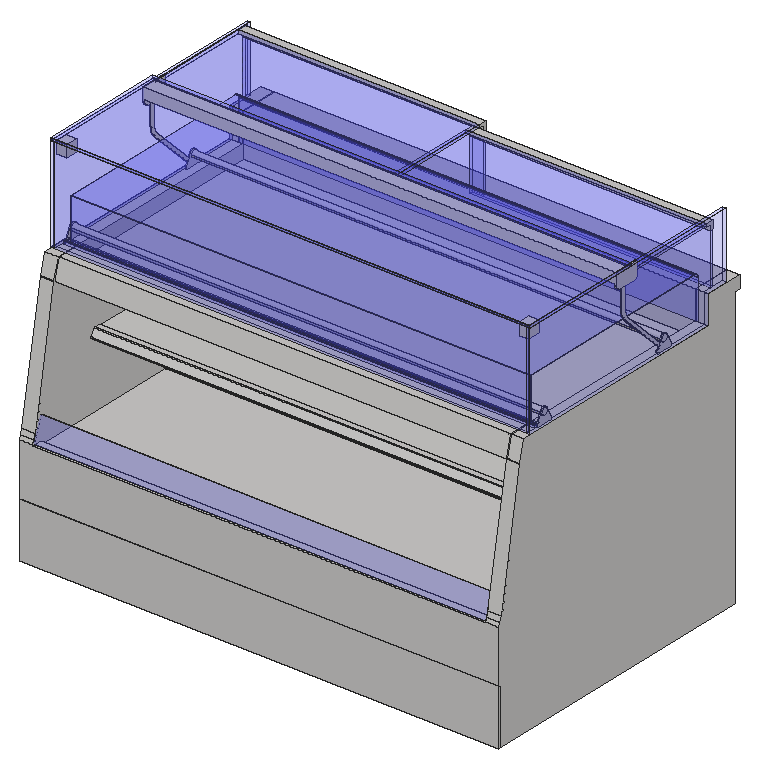
Revit family "Food-Service-Equipment_Oscartek_Gem_Combi-1500Rt_cat", category Specialty Equipment, Revit 2026 (continued)
Lines and regions (in)
  Split face 260
    outline origin (34.57164, -37.125, -26.54631) x (0, 0, 1) y (-1, 0, 0)
      loop
        arc (29.82526, -13.55425) -> (29.83548, -13.50631) -> (29.83891, -13.45741) r 0.35039
        line (29.83891, -13.45741) -> (29.83891, -12.58681)
        arc (29.83891, -12.58681) -> (29.83548, -12.53791) -> (29.82526, -12.48997) r 0.35039
        line (29.82526, -12.48997) -> (29.70983, -12.08857)
        arc (29.70983, -12.08857) -> (29.68463, -12.05196) -> (29.64248, -12.03786) r 0.07008
        line (29.64248, -12.03786) -> (29.54406, -12.03786) -> (29.54406, -14.00636)
  Split face 261
    outline origin (34.52602, -37.125, -28.09375) x (0, 0, 1) y (-1, 0, 0)
      loop
        line (29.0915, -14.05198) -> (29.18992, -14.05198)
        arc (29.18992, -14.05198) -> (29.23207, -14.03789) -> (29.25727, -14.00127) r 0.07008
        line (29.25727, -14.00127) -> (29.3727, -13.59987)
        arc (29.3727, -13.59987) -> (29.38291, -13.55193) -> (29.38634, -13.50303) r 0.35039
        line (29.38634, -13.50303) -> (29.38634, -12.63243)
        arc (29.38634, -12.63243) -> (29.38291, -12.58353) -> (29.3727, -12.53559) r 0.35039
        line (29.3727, -12.53559) -> (29.25727, -12.13419)
        arc (29.25727, -12.13419) -> (29.23207, -12.09758) -> (29.18992, -12.08348) r 0.07008
        line (29.18992, -12.08348) -> (29.0915, -12.08348) -> (29.0915, -14.05198)
  Split face 262
    outline origin (36.77602, -37.125, -27.09375) x (0, 0, 1) y (-1, 0, 0)
      loop
        line (29.0915, -14.05198) -> (29.18992, -14.05198)
        arc (29.18992, -14.05198) -> (29.23207, -14.03789) -> (29.25727, -14.00127) r 0.07008
        line (29.25727, -14.00127) -> (29.3727, -13.59987)
        arc (29.3727, -13.59987) -> (29.38291, -13.55193) -> (29.38634, -13.50303) r 0.35039
        line (29.38634, -13.50303) -> (29.38634, -12.63243)
        arc (29.38634, -12.63243) -> (29.38291, -12.58353) -> (29.3727, -12.53559) r 0.35039
        line (29.3727, -12.53559) -> (29.25727, -12.13419)
        arc (29.25727, -12.13419) -> (29.23207, -12.09758) -> (29.18992, -12.08348) r 0.07008
        line (29.18992, -12.08348) -> (29.0915, -12.08348) -> (29.0915, -14.05198)
  Split face 263
    outline origin (36.82164, -37.125, -26.54631) x (0, 0, 1) y (-1, 0, 0)
      loop
        line (29.54406, -14.00636) -> (29.64248, -14.00636)
        arc (29.64248, -14.00636) -> (29.68463, -13.99227) -> (29.70983, -13.95565) r 0.07008
        line (29.70983, -13.95565) -> (29.82526, -13.55425)
        arc (29.82526, -13.55425) -> (29.83548, -13.50631) -> (29.83891, -13.45741) r 0.35039
        line (29.83891, -13.45741) -> (29.83891, -12.58681)
        arc (29.83891, -12.58681) -> (29.83548, -12.53791) -> (29.82526, -12.48997) r 0.35039
        line (29.82526, -12.48997) -> (29.70983, -12.08857)
        arc (29.70983, -12.08857) -> (29.68463, -12.05196) -> (29.64248, -12.03786) r 0.07008
        line (29.64248, -12.03786) -> (29.54406, -12.03786) -> (29.54406, -14.00636)
  Split face 264
    outline origin (36.77602, -37.125, -28.09375) x (0, 0, 1) y (-1, 0, 0)
      loop
        line (29.0915, -14.05198) -> (29.18992, -14.05198)
        arc (29.18992, -14.05198) -> (29.23207, -14.03789) -> (29.25727, -14.00127) r 0.07008
        line (29.25727, -14.00127) -> (29.3727, -13.59987)
        arc (29.3727, -13.59987) -> (29.38291, -13.55193) -> (29.38634, -13.50303) r 0.35039
        line (29.38634, -13.50303) -> (29.38634, -12.63243)
        arc (29.38634, -12.63243) -> (29.38291, -12.58353) -> (29.3727, -12.53559) r 0.35039
        line (29.3727, -12.53559) -> (29.25727, -12.13419)
        arc (29.25727, -12.13419) -> (29.23207, -12.09758) -> (29.18992, -12.08348) r 0.07008
        line (29.18992, -12.08348) -> (29.0915, -12.08348) -> (29.0915, -14.05198)
  Split face 265
    outline origin (39.02602, -37.125, -27.09375) x (0, 0, 1) y (-1, 0, 0)
      loop
        line (29.0915, -14.05198) -> (29.18992, -14.05198)
        arc (29.18992, -14.05198) -> (29.23207, -14.03789) -> (29.25727, -14.00127) r 0.07008
        line (29.25727, -14.00127) -> (29.3727, -13.59987)
        arc (29.3727, -13.59987) -> (29.38291, -13.55193) -> (29.38634, -13.50303) r 0.35039
        line (29.38634, -13.50303) -> (29.38634, -12.63243)
        arc (29.38634, -12.63243) -> (29.38291, -12.58353) -> (29.3727, -12.53559) r 0.35039
        line (29.3727, -12.53559) -> (29.25727, -12.13419)
        arc (29.25727, -12.13419) -> (29.23207, -12.09758) -> (29.18992, -12.08348) r 0.07008
        line (29.18992, -12.08348) -> (29.0915, -12.08348) -> (29.0915, -14.05198)
  Split face 266
    outline origin (39.07164, -37.125, -26.54631) x (0, 0, 1) y (-1, 0, 0)
      loop
        line (29.54406, -14.00636) -> (29.64248, -14.00636)
        arc (29.64248, -14.00636) -> (29.68463, -13.99227) -> (29.70983, -13.95565) r 0.07008
        line (29.70983, -13.95565) -> (29.82526, -13.55425)
        arc (29.82526, -13.55425) -> (29.83548, -13.50631) -> (29.83891, -13.45741) r 0.35039
        line (29.83891, -13.45741) -> (29.83891, -12.58681)
        arc (29.83891, -12.58681) -> (29.83548, -12.53791) -> (29.82526, -12.48997) r 0.35039
        line (29.82526, -12.48997) -> (29.70983, -12.08857)
        arc (29.70983, -12.08857) -> (29.68463, -12.05196) -> (29.64248, -12.03786) r 0.07008
        line (29.64248, -12.03786) -> (29.54406, -12.03786) -> (29.54406, -14.00636)
  Split face 267
    outline origin (39.02602, -37.125, -28.09375) x (0, 0, 1) y (-1, 0, 0)
      loop
        line (29.0915, -14.05198) -> (29.18992, -14.05198)
        arc (29.18992, -14.05198) -> (29.23207, -14.03789) -> (29.25727, -14.00127) r 0.07008
        line (29.25727, -14.00127) -> (29.3727, -13.59987)
        arc (29.3727, -13.59987) -> (29.38291, -13.55193) -> (29.38634, -13.50303) r 0.35039
        line (29.38634, -13.50303) -> (29.38634, -12.63243)
        arc (29.38634, -12.63243) -> (29.38291, -12.58353) -> (29.3727, -12.53559) r 0.35039
        line (29.3727, -12.53559) -> (29.25727, -12.13419)
        arc (29.25727, -12.13419) -> (29.23207, -12.09758) -> (29.18992, -12.08348) r 0.07008
        line (29.18992, -12.08348) -> (29.0915, -12.08348) -> (29.0915, -14.05198)
  Split face 268
    outline origin (41.27602, -37.125, -27.09375) x (0, 0, 1) y (-1, 0, 0)
      loop
        line (29.0915, -14.05198) -> (29.18992, -14.05198)
        arc (29.18992, -14.05198) -> (29.23207, -14.03789) -> (29.25727, -14.00127) r 0.07008
        line (29.25727, -14.00127) -> (29.3727, -13.59987)
        arc (29.3727, -13.59987) -> (29.38291, -13.55193) -> (29.38634, -13.50303) r 0.35039
        line (29.38634, -13.50303) -> (29.38634, -12.63243)
        arc (29.38634, -12.63243) -> (29.38291, -12.58353) -> (29.3727, -12.53559) r 0.35039
        line (29.3727, -12.53559) -> (29.25727, -12.13419)
        arc (29.25727, -12.13419) -> (29.23207, -12.09758) -> (29.18992, -12.08348) r 0.07008
        line (29.18992, -12.08348) -> (29.0915, -12.08348) -> (29.0915, -14.05198)
  Split face 269
    outline origin (41.32164, -37.125, -26.54631) x (0, 0, 1) y (-1, 0, 0)
      loop
        line (29.54406, -14.00636) -> (29.64248, -14.00636)
        arc (29.64248, -14.00636) -> (29.68463, -13.99227) -> (29.70983, -13.95565) r 0.07008
        line (29.70983, -13.95565) -> (29.82526, -13.55425)
        arc (29.82526, -13.55425) -> (29.83548, -13.50631) -> (29.83891, -13.45741) r 0.35039
        line (29.83891, -13.45741) -> (29.83891, -12.58681)
        arc (29.83891, -12.58681) -> (29.83548, -12.53791) -> (29.82526, -12.48997) r 0.35039
        line (29.82526, -12.48997) -> (29.70983, -12.08857)
        arc (29.70983, -12.08857) -> (29.68463, -12.05196) -> (29.64248, -12.03786) r 0.07008
        line (29.64248, -12.03786) -> (29.54406, -12.03786) -> (29.54406, -14.00636)
  Split face 270
    outline origin (41.27602, -37.125, -28.09375) x (0, 0, 1) y (-1, 0, 0)
      loop
        line (29.0915, -14.05198) -> (29.18992, -14.05198)
        arc (29.18992, -14.05198) -> (29.23207, -14.03789) -> (29.25727, -14.00127) r 0.07008
        line (29.25727, -14.00127) -> (29.3727, -13.59987)
        arc (29.3727, -13.59987) -> (29.38291, -13.55193) -> (29.38634, -13.50303) r 0.35039
        line (29.38634, -13.50303) -> (29.38634, -12.63243)
        arc (29.38634, -12.63243) -> (29.38291, -12.58353) -> (29.3727, -12.53559) r 0.35039
        line (29.3727, -12.53559) -> (29.25727, -12.13419)
        arc (29.25727, -12.13419) -> (29.23207, -12.09758) -> (29.18992, -12.08348) r 0.07008
        line (29.18992, -12.08348) -> (29.0915, -12.08348) -> (29.0915, -14.05198)
  symbolic lines
    curve 1: line (0, -37.125, 0) -> (59.1875, -37.125, 0)
    curve 2: line (0, 0, 0) -> (0, -37.125, 0)
    curve 3: line (59.1875, 0, 0) -> (0, 0, 0)
    curve 4: line (59.1875, -37.125, 0) -> (59.1875, 0, 0)
    curve 5: line (0.4562, -2.00463, 0) -> (0, -2.00463, 0)
    curve 6: line (0.4562, -2.00463, 0) -> (0.4562, -16.62621, 0)
    curve 7: line (0, -16.69296, 0) -> (59.1875, -16.69296, 0)
    curve 8: line (30.1818, -2.88345, 0) -> (30.1818, -16.69296, 0)
    curve 9: line (30.1818, -2.88345, 0) -> (0.4562, -2.88345, 0)
    curve 10: line (30.1818, -3.51337, 0) -> (58.7313, -3.51337, 0)
    curve 11: line (58.7313, -2.00509, 0) -> (58.7313, -16.69296, 0)
    curve 12: line (58.7313, -2.00509, 0) -> (59.1875, -2.00509, 0)
    curve 13: line (0, -32.44096, 0) -> (59.1875, -32.44096, 0)
    curve 14: line (0, -33.87745, 0) -> (59.1875, -33.87745, 0)
Dimensions and locks (in)
  equal spacing: plane 3 "LEFT", plane 7 "Center Y", plane 4 "RIGHT"
  "Length": plane 3 "LEFT" to plane 4 "RIGHT"
  equal spacing: plane 5 "FRONT", plane 8 "Center X", plane 1 "BACK"
  "Depth": plane 5 "FRONT" to plane 1 "BACK"
  plane 6 "TOP" to level = 36 5/8"
  plane 6 "TOP" to plane 2 = 36 5/8"
  plane 5 "FRONT" to plane 1 "BACK" = 37 1/8"
  locked: plane 10 to plane 4 "RIGHT" at 1.6373
  locked: plane 3 "LEFT" to plane 9 at 1.6373
  plane 2 to plane 11 = 5 15/16"
  plane 12 to plane 2 = 7 3/8"
  plane 13 to level = 13 13/16"
  plane 14 to level = 33"
  plane 15 to plane 13 = 16 5/8"
  "Height": plane 16 to plane 2
  locked: Extrusion 6 sketch curve to plane 16 at 0.3997
  locked: plane 16 to Extrusion 7 sketch curve at 0.3997
  locked: plane 17 to plane 4 "RIGHT" at 0.4562
  locked: plane 19 to plane 4 "RIGHT" at 3.6058
  locked: plane 18 to plane 3 "LEFT" at 3.6058
  locked: Extrusion 26 sketch curve to Extrusion 26 sketch curve at 0.34646
  locked: plane 21 to plane 4 "RIGHT" at 1.21484
  plane 24 to plane 7 "Center Y" to plane 23 = 0.59305" locked, 0.58805" locked
  aligned and locked: plane 2 to level
  aligned and locked: plane 9 to Extrusion 2
  aligned and locked: plane 9 to Extrusion 3
  aligned and locked: plane 10 to Extrusion 3
  aligned and locked: plane 10 to Extrusion 2
  aligned and locked: plane 9 to Extrusion 5
  aligned and locked: plane 10 to Extrusion 5
  aligned and locked: Extrusion 7 sketch curve to plane 16
  aligned and locked: Extrusion 7 to plane 4 "RIGHT"
  aligned and locked: plane 17 to Extrusion 8
  aligned and locked: Extrusion 9 sketch curve to plane 14
  aligned and locked: Extrusion 9 to Extrusion 8
  aligned and locked: Extrusion 15 to plane 17
  aligned and locked: Extrusion 16 to plane 17
  aligned and locked: Extrusion 17 to plane 3 "LEFT"
  aligned and locked: Extrusion 17 to plane 4 "RIGHT"
  aligned and locked: plane 19 to Extrusion 22
  aligned and locked: Extrusion 22 to plane 18
  aligned and locked: plane 6 "TOP" to Extrusion 2 sketch curve
  aligned and locked: Extrusion 14 to plane 21
  aligned and locked: Extrusion 26 to plane 17
  aligned and locked: cut or joined group of Extrusion 27, Extrusion 29, Extrusion 32 to plane 17
  aligned and locked: Extrusion 25 to plane 23
  aligned and locked: Extrusion 24 to plane 23
  aligned and locked: plane 24 to Extrusion 26
  aligned and locked: plane 24 to Extrusion 28
  aligned and locked: Extrusion 28 to plane 17
  aligned and locked: plane 10 to Extrusion 41
Automatic sketch dimensions
  Extrusion 23 sketch curve to Extrusion 23 sketch curve = 0"
  Extrusion 23 sketch curve to Extrusion 23 sketch curve = 0.52889"
  Extrusion 23 sketch curve to Extrusion 23 sketch curve = 0.29169"  (x2)
  Extrusion 23 sketch curve to Extrusion 23 sketch curve = 0.32478"  (x2)
  Extrusion 23 sketch curve to Extrusion 23 sketch curve = 1.7946"  (x2)
  Extrusion 23 sketch curve to Extrusion 23 sketch curve = 0.07287"
  Extrusion 23 sketch curve to Extrusion 23 sketch curve = 0.24448"
  Extrusion 23 sketch curve to Extrusion 23 sketch curve = 2.25544"
  Extrusion 23 sketch curve to Extrusion 23 sketch curve = 4.87248"
  Extrusion 23 sketch curve to Extrusion 23 sketch curve = 2.16195"
  Extrusion 23 sketch curve to Extrusion 23 sketch curve = 0.09349"
  Revolve 34 sketch curve to Revolve 34 sketch curve = 0.47517"
  Revolve 34 sketch curve to Revolve 34 sketch curve = 0.91526"
  Revolve 34 sketch curve to Revolve 34 sketch curve = 0.12536"
  Revolve 34 sketch curve to Revolve 34 sketch curve = 0.07008"
  Revolve 34 sketch curve to Revolve 34 sketch curve = 0"
  Revolve 34 sketch curve to Revolve 34 sketch curve = 0.2104"
  Revolve 34 sketch curve to Revolve 34 sketch curve = 0.36442"
  Extrusion 35 sketch curve to Extrusion 35 sketch curve = 0.40023"  (x2)
  Extrusion 35 sketch curve to Extrusion 35 sketch curve = 1.27612"
  Extrusion 35 sketch curve to Extrusion 35 sketch curve = 0.87946"
  Extrusion 35 sketch curve to Extrusion 35 sketch curve = 0"  (x2)
  Extrusion 35 sketch curve to Extrusion 35 sketch curve = 0.1946"
  Extrusion 35 sketch curve to Extrusion 35 sketch curve = 0.3984"
  Extrusion 35 sketch curve to Extrusion 35 sketch curve = 0.09546"
  Extrusion 38 sketch curve to Extrusion 38 sketch curve = 0"
  Extrusion 38 sketch curve to Extrusion 38 sketch curve = 0.52889"
  Extrusion 38 sketch curve to Extrusion 38 sketch curve = 0.29169"  (x2)
  Extrusion 38 sketch curve to Extrusion 38 sketch curve = 0.32478"  (x2)
  Extrusion 38 sketch curve to Extrusion 38 sketch curve = 1.7946"  (x2)
  Extrusion 38 sketch curve to Extrusion 38 sketch curve = 0.07287"
  Extrusion 38 sketch curve to Extrusion 38 sketch curve = 0.24448"
  Extrusion 38 sketch curve to Extrusion 38 sketch curve = 2.25544"
  Extrusion 38 sketch curve to Extrusion 38 sketch curve = 4.87248"
  Extrusion 38 sketch curve to Extrusion 38 sketch curve = 2.16195"
  Extrusion 38 sketch curve to Extrusion 38 sketch curve = 0.09349"
  Revolve 39 sketch curve to Revolve 39 sketch curve = 0.47517"
  Revolve 39 sketch curve to Revolve 39 sketch curve = 0.91526"
  Revolve 39 sketch curve to Revolve 39 sketch curve = 0.12536"
  Revolve 39 sketch curve to Revolve 39 sketch curve = 0.07008"
  Revolve 39 sketch curve to Revolve 39 sketch curve = 0"
  Revolve 39 sketch curve to Revolve 39 sketch curve = 0.2104"
  Revolve 39 sketch curve to Revolve 39 sketch curve = 0.36442"
  Extrusion 40 sketch curve to Extrusion 40 sketch curve = 0.40023"  (x2)
  Extrusion 40 sketch curve to Extrusion 40 sketch curve = 1.27612"
  Extrusion 40 sketch curve to Extrusion 40 sketch curve = 0.87946"
  Extrusion 40 sketch curve to Extrusion 40 sketch curve = 0"  (x2)
  Extrusion 40 sketch curve to Extrusion 40 sketch curve = 0.1946"
  Extrusion 40 sketch curve to Extrusion 40 sketch curve = 0.3984"
  Extrusion 40 sketch curve to Extrusion 40 sketch curve = 0.09546"
  curve 1 to plane 3 "LEFT" = 0"
  curve 9 to plane 22 = 0"
  curve 10 to plane 23 = 0"
  curve 11 to plane 17 = 0"
  curve 4 to plane 4 "RIGHT" = 0"
  plane 5 "FRONT" to curve 1 = 0"
  plane 1 "BACK" to curve 3 = 0"
  plane 1 "BACK" to curve 9 = 2.88345"
  plane 1 "BACK" to curve 12 = 2.00509"
  curve 9 to curve 5 = 0.87882"
  curve 14 to plane 5 "FRONT" = 3.24755"
  curve 14 to curve 13 = 1.43649"
  plane 8 "Center X" to curve 11 = 1.86954"
  curve 7 to curve 6 = 0.06676"
  curve 10 to curve 8 = 0.62992"
  Extrusion 1 sketch curve to plane 5 "FRONT" = 0"
  Extrusion 1 sketch curve to plane 14 = 0"
  plane 11 to Extrusion 1 sketch curve = 0"
  Extrusion 1 sketch curve to plane 6 "TOP" = 0"
  Extrusion 1 sketch curve to plane 1 "BACK" = 0"
  Extrusion 1 sketch curve to plane 12 = 0"
  plane 5 "FRONT" to Extrusion 1 sketch curve = 3.49543"
  Extrusion 1 sketch curve to plane 5 "FRONT" = 0.17343"
  Extrusion 1 sketch curve to plane 5 "FRONT" = 0.34238"
  plane 15 to Extrusion 1 sketch curve = 0.11606"
  Extrusion 1 sketch curve to plane 5 "FRONT" = 3.2225"
  plane 15 to Extrusion 1 sketch curve = 0.07266"
  Extrusion 1 sketch curve to Extrusion 1 sketch curve = 0.02505"
  Extrusion 1 sketch curve to Extrusion 1 sketch curve = 0.65552"
  Extrusion 1 sketch curve to plane 5 "FRONT" = 7.52173"
  plane 1 "BACK" to Extrusion 1 sketch curve = 4.77926"
  plane 1 "BACK" to Extrusion 1 sketch curve = 0.7874"
  plane 13 to Extrusion 1 sketch curve = 0.06617"
  Extrusion 1 sketch curve to Extrusion 1 sketch curve = 0.47651"
  Extrusion 1 sketch curve to Extrusion 1 sketch curve = 0.61776"
  Extrusion 1 sketch curve to plane 6 "TOP" = 1.5542"
  Extrusion 2 sketch curve to plane 20 = 0"
  plane 11 to Extrusion 2 sketch curve = 0"
  Extrusion 2 sketch curve to plane 1 "BACK" = 0"
  plane 1 "BACK" to Extrusion 2 sketch curve = 0.7874"
  plane 15 to Extrusion 2 sketch curve = 0.84776"
  plane 1 "BACK" to Extrusion 2 sketch curve = 4.77926"
  Extrusion 2 sketch curve to plane 15 = 0.6798"
  plane 8 "Center X" to Extrusion 2 sketch curve = 1.89718"  (x2)
  plane 20 to Extrusion 2 sketch curve = 0.96904"
  Extrusion 2 sketch curve to plane 8 "Center X" = 8.40826"
  plane 20 to Extrusion 2 sketch curve = 0.8982"
  Extrusion 2 sketch curve to Extrusion 2 sketch curve = 0.00124"
  plane 20 to Extrusion 2 sketch curve = 0.98853"
  Extrusion 2 sketch curve to Extrusion 2 sketch curve = 0.72451"
  Extrusion 2 sketch curve to Extrusion 2 sketch curve = 0.00324"
  plane 20 to Extrusion 2 sketch curve = 0.93723"
  Extrusion 2 sketch curve to Extrusion 2 sketch curve = 0.10188"
  Extrusion 2 sketch curve to Extrusion 2 sketch curve = 0.39137"
  Extrusion 2 sketch curve to Extrusion 2 sketch curve = 0.0315"
  plane 20 to Extrusion 2 sketch curve = 0.11231"
  Extrusion 2 sketch curve to Extrusion 2 sketch curve = 0.53656"
  Extrusion 2 sketch curve to Extrusion 2 sketch curve = 0.02196"
  plane 20 to Extrusion 2 sketch curve = 0.17794"
  Extrusion 2 sketch curve to plane 20 = 2.26673"
  plane 20 to Extrusion 2 sketch curve = 0.7183"
  Extrusion 2 sketch curve to Extrusion 2 sketch curve = 0.31085"
  Extrusion 2 sketch curve to plane 6 "TOP" = 1.5542"
  Extrusion 3 sketch curve to plane 15 = 0"
  Extrusion 3 sketch curve to plane 14 = 0"
  plane 15 to Extrusion 3 sketch curve = 0.12642"
  Extrusion 3 sketch curve to plane 5 "FRONT" = 3.23208"
  plane 15 to Extrusion 3 sketch curve = 0.21651"
  Extrusion 3 sketch curve to Extrusion 3 sketch curve = 0.14674"
  plane 15 to Extrusion 3 sketch curve = 0.15309"
  Extrusion 3 sketch curve to Extrusion 3 sketch curve = 0.23668"
  plane 15 to Extrusion 3 sketch curve = 0.41264"
  Extrusion 3 sketch curve to plane 14 = 0.02522"
  Extrusion 3 sketch curve to Extrusion 3 sketch curve = 0.19302"
  Extrusion 3 sketch curve to Extrusion 3 sketch curve = 0.03286"
  Extrusion 3 sketch curve to plane 14 = 1/8"
  Extrusion 3 sketch curve to Extrusion 3 sketch curve = 0.063"
  Extrusion 3 sketch curve to plane 15 = 0.24279"
  Extrusion 3 sketch curve to Extrusion 3 sketch curve = 2.50423"
  Extrusion 3 sketch curve to Extrusion 3 sketch curve = 1/8"  (x2)
  Extrusion 3 sketch curve to Extrusion 3 sketch curve = 0.25787"
  Extrusion 3 sketch curve to plane 15 = 0.11779"
  plane 15 to Extrusion 3 sketch curve = 0.15091"
  Extrusion 4 sketch curve to plane 1 "BACK" = 0"
  Extrusion 4 sketch curve to plane 11 = 0"
  Extrusion 4 sketch curve to plane 14 = 0"
  Extrusion 4 sketch curve to plane 6 "TOP" = 0"
  Extrusion 4 sketch curve to plane 5 "FRONT" = 0"
  Extrusion 4 sketch curve to plane 12 = 0"
  Extrusion 4 sketch curve to Extrusion 4 sketch curve = 0.7874"
  Extrusion 4 sketch curve to Extrusion 4 sketch curve = 3.99186"
  Extrusion 4 sketch curve to plane 5 "FRONT" = 7.52268"
  Extrusion 4 sketch curve to plane 5 "FRONT" = 3.87802"
  plane 15 to Extrusion 4 sketch curve = 0.07266"
  Extrusion 4 sketch curve to Extrusion 4 sketch curve = 0.63047"
  plane 15 to Extrusion 4 sketch curve = 0.11606"
  Extrusion 4 sketch curve to Extrusion 4 sketch curve = 0.02505"
  Extrusion 4 sketch curve to plane 5 "FRONT" = 0.34238"
  Extrusion 4 sketch curve to plane 5 "FRONT" = 0.17343"
  plane 5 "FRONT" to Extrusion 4 sketch curve = 3.49543"
  plane 13 to Extrusion 4 sketch curve = 0.06617"
  Extrusion 4 sketch curve to Extrusion 4 sketch curve = 0.47651"
  Extrusion 4 sketch curve to Extrusion 4 sketch curve = 0.61776"
  Extrusion 4 sketch curve to plane 6 "TOP" = 1.5542"
  Extrusion 5 sketch curve to plane 13 = 0"
  Extrusion 5 sketch curve to plane 5 "FRONT" = 0.00042"
  Extrusion 5 sketch curve to plane 5 "FRONT" = 0.1854"
  Extrusion 5 sketch curve to plane 5 "FRONT" = 1.0685"
  Extrusion 5 sketch curve to Extrusion 5 sketch curve = 0.18498"
  plane 13 to Extrusion 5 sketch curve = 0.06733"
  plane 13 to Extrusion 5 sketch curve = 2.93453"
  Extrusion 5 sketch curve to Extrusion 5 sketch curve = 0.06733"
  Extrusion 6 sketch curve to plane 14 = 0"
  Extrusion 6 sketch curve to plane 6 "TOP" = 0"
  Extrusion 6 sketch curve to plane 5 "FRONT" = 4.76278"
  plane 1 "BACK" to Extrusion 6 sketch curve = 4.77926"
  plane 1 "BACK" to Extrusion 6 sketch curve = 2.00509"
  plane 1 "BACK" to Extrusion 6 sketch curve = 2.00463"
  Extrusion 7 sketch curve to plane 5 "FRONT" = 4.68404"
  plane 8 "Center X" to Extrusion 7 sketch curve = 1.86954"
  Extrusion 8 sketch curve to plane 6 "TOP" = 0"
  Extrusion 8 sketch curve to plane 14 = 0"
  plane 1 "BACK" to Extrusion 8 sketch curve = 2.00463"
  Extrusion 8 sketch curve to plane 16 = 0.3997"
  plane 1 "BACK" to Extrusion 8 sketch curve = 2.00509"
  Extrusion 8 sketch curve to Extrusion 8 sketch curve = 2.77463"
  Extrusion 8 sketch curve to plane 5 "FRONT" = 4.76278"
  Extrusion 9 sketch curve to plane 16 = 0.3997"
  Extrusion 9 sketch curve to plane 5 "FRONT" = 4.76278"
  Extrusion 9 sketch curve to Extrusion 9 sketch curve = 0.3937"
  Extrusion 6 to Extrusion 10 sketch curve = 0"  (x2)
  Extrusion 10 sketch curve to Extrusion 6 = 0.31168"  (x2)
  Extrusion 10 sketch curve to Extrusion 6 = 1.735"
  Extrusion 10 sketch curve to Extrusion 6 = 0.21436"
  Extrusion 10 sketch curve to Extrusion 10 sketch curve = 0.62287"  (x2)
  Extrusion 10 sketch curve to Extrusion 10 sketch curve = 0.42355"  (x3)
  Extrusion 10 sketch curve to Extrusion 10 sketch curve = 0"  (x2)
  Extrusion 10 sketch curve to Extrusion 6 = 1.53413"  (x3)
  Extrusion 10 sketch curve to Extrusion 6 = 0.22129"  (x2)
  Extrusion 10 sketch curve to Extrusion 10 sketch curve = 0.42056"  (x2)
  Extrusion 10 sketch curve to Extrusion 6 = 0.32176"  (x2)
  Extrusion 10 sketch curve to Extrusion 6 = 7.34196"
  Extrusion 10 sketch curve to Extrusion 10 sketch curve = 0.191"
  Extrusion 10 sketch curve to Extrusion 10 sketch curve = 0.21581"  (x2)
  Extrusion 10 sketch curve to Extrusion 10 sketch curve = 0.00642"  (x2)
  Extrusion 9 to Extrusion 11 sketch curve = 0"  (x2)
  Extrusion 11 sketch curve to Extrusion 9 = 0.31168"  (x2)
  Extrusion 9 to Extrusion 11 sketch curve = 1.3413"
  Extrusion 11 sketch curve to Extrusion 11 sketch curve = 0.191"  (x2)
  Extrusion 11 sketch curve to Extrusion 11 sketch curve = 0.62287"  (x2)
  Extrusion 11 sketch curve to Extrusion 11 sketch curve = 0.42355"  (x3)
  Extrusion 11 sketch curve to Extrusion 11 sketch curve = 0"  (x2)
  Extrusion 11 sketch curve to Extrusion 9 = 1.53413"  (x3)
  Extrusion 11 sketch curve to Extrusion 9 = 0.22129"  (x2)
  Extrusion 11 sketch curve to Extrusion 11 sketch curve = 0.42056"  (x2)
  Extrusion 11 sketch curve to Extrusion 9 = 0.32176"  (x2)
  Extrusion 11 sketch curve to Extrusion 11 sketch curve = 16.4183"
  Extrusion 11 sketch curve to Extrusion 11 sketch curve = 0.21581"  (x2)
  Extrusion 11 sketch curve to Extrusion 11 sketch curve = 0.00642"  (x2)
  Extrusion 12 sketch curve to Extrusion 12 sketch curve = 0"  (x3)
  Extrusion 9 to Extrusion 12 sketch curve = 0"
  Extrusion 12 sketch curve to Extrusion 9 = 0.31168"
  Extrusion 9 to Extrusion 12 sketch curve = 1.3413"
  Extrusion 12 sketch curve to Extrusion 12 sketch curve = 0.191"
  Extrusion 12 sketch curve to Extrusion 12 sketch curve = 0.62287"
  Extrusion 12 sketch curve to Extrusion 12 sketch curve = 0.42355"  (x2)
  Extrusion 12 sketch curve to Extrusion 9 = 1.53413"
  Extrusion 12 sketch curve to Extrusion 9 = 0.22129"
  Extrusion 12 sketch curve to Extrusion 12 sketch curve = 0.42056"
  Extrusion 12 sketch curve to Extrusion 9 = 0.32176"
  Extrusion 12 sketch curve to Extrusion 9 = 2.05473"
  Extrusion 12 sketch curve to Extrusion 12 sketch curve = 11.54825"
  Extrusion 12 sketch curve to Extrusion 12 sketch curve = 0.3937"
  Extrusion 12 sketch curve to Extrusion 9 = 5.64377"
  Extrusion 12 sketch curve to Extrusion 12 sketch curve = 0.31322"
  Extrusion 12 sketch curve to Extrusion 9 = 5.92465"
  Extrusion 12 sketch curve to Extrusion 12 sketch curve = 1.9685"
  Extrusion 12 sketch curve to Extrusion 9 = 0.73571"
  Extrusion 12 sketch curve to Extrusion 12 sketch curve = 4.99692"
  Extrusion 12 sketch curve to Extrusion 9 = 1.1035"
  Extrusion 12 sketch curve to Extrusion 12 sketch curve = 0.1874"
  Extrusion 12 sketch curve to Extrusion 12 sketch curve = 0.21581"
  Extrusion 12 sketch curve to Extrusion 12 sketch curve = 0.00642"
  Extrusion 13 sketch curve to Extrusion 13 sketch curve = 0"  (x3)
  Extrusion 6 to Extrusion 13 sketch curve = 0"
  Extrusion 13 sketch curve to Extrusion 6 = 0.31168"
  Extrusion 13 sketch curve to Extrusion 6 = 1.735"
  Extrusion 13 sketch curve to Extrusion 6 = 0.21436"
  Extrusion 13 sketch curve to Extrusion 13 sketch curve = 0.62287"
  Extrusion 13 sketch curve to Extrusion 13 sketch curve = 0.42355"  (x2)
  Extrusion 13 sketch curve to Extrusion 6 = 1.53413"
  Extrusion 13 sketch curve to Extrusion 6 = 0.22129"
  Extrusion 13 sketch curve to Extrusion 13 sketch curve = 0.42056"
  Extrusion 13 sketch curve to Extrusion 6 = 0.32176"
  Extrusion 13 sketch curve to Extrusion 6 = 2.05473"
  Extrusion 13 sketch curve to Extrusion 6 = 12.82975"
  Extrusion 13 sketch curve to Extrusion 13 sketch curve = 0.3937"
  Extrusion 13 sketch curve to Extrusion 6 = 2.01877"
  Extrusion 13 sketch curve to Extrusion 13 sketch curve = 0.31322"
  Extrusion 13 sketch curve to Extrusion 6 = 2.29965"
  Extrusion 13 sketch curve to Extrusion 13 sketch curve = 1.9685"
  Extrusion 13 sketch curve to Extrusion 6 = 0.73571"
  Extrusion 13 sketch curve to Extrusion 13 sketch curve = 4.99692"
  Extrusion 13 sketch curve to Extrusion 6 = 1.1035"
  Extrusion 13 sketch curve to Extrusion 13 sketch curve = 0.1874"
  Extrusion 13 sketch curve to Extrusion 13 sketch curve = 0.21581"
  Extrusion 13 sketch curve to Extrusion 13 sketch curve = 0.00642"
  Extrusion 14 sketch curve to Extrusion 14 sketch curve = 0"  (x2)
  plane 14 to Extrusion 14 sketch curve = 0"
  plane 14 to Extrusion 14 sketch curve = 0.12398"
  Extrusion 14 sketch curve to plane 5 "FRONT" = 6.34391"
  Extrusion 14 sketch curve to Extrusion 14 sketch curve = 0.15748"
  plane 6 "TOP" to Extrusion 14 sketch curve = 1.31397"
  plane 1 "BACK" to Extrusion 14 sketch curve = 5.3775"
  plane 1 "BACK" to Extrusion 14 sketch curve = 4.84176"
  Extrusion 14 sketch curve to Extrusion 14 sketch curve = 1/16"
  plane 14 to Extrusion 15 sketch curve = 0.02541"
  Extrusion 15 sketch curve to plane 5 "FRONT" = 6.02895"
  plane 14 to Extrusion 15 sketch curve = 0.41911"  (x2)
  Extrusion 15 sketch curve to Extrusion 15 sketch curve = 0.03937"  (x3)
  Extrusion 15 sketch curve to Extrusion 15 sketch curve = 0.2559"
  Extrusion 15 sketch curve to Extrusion 15 sketch curve = 0.19685"
  Extrusion 15 sketch curve to Extrusion 15 sketch curve = 0.25591"
  Extrusion 15 sketch curve to Extrusion 15 sketch curve = 0.29527"
  plane 14 to Extrusion 15 sketch curve = 0.12398"
  Extrusion 16 sketch curve to Extrusion 16 sketch curve = 0"  (x4)
  plane 14 to Extrusion 16 sketch curve = 1.32474"  (x2)
  Extrusion 16 sketch curve to plane 5 "FRONT" = 7.54419"
  plane 8 "Center X" to Extrusion 16 sketch curve = 7.48769"
  Extrusion 16 sketch curve to Extrusion 16 sketch curve = 0.3937"  (x2)
  plane 11 to Extrusion 17 sketch curve = 1.48869"  (x2)
  Extrusion 17 sketch curve to plane 5 "FRONT" = 7.70774"
  Extrusion 17 sketch curve to Extrusion 17 sketch curve = 0.05905"  (x8)
  Extrusion 17 sketch curve to Extrusion 17 sketch curve = 0.00787"  (x12)
  Extrusion 17 sketch curve to Extrusion 17 sketch curve = 0.33189"  (x2)
  plane 11 to Extrusion 17 sketch curve = 0.02413"  (x2)
  Extrusion 17 sketch curve to Extrusion 17 sketch curve = 1.00393"  (x2)
  Extrusion 17 sketch curve to Extrusion 17 sketch curve = 0.05906"  (x2)
  Extrusion 17 sketch curve to Extrusion 17 sketch curve = 0.00852"  (x3)
  plane 11 to Extrusion 17 sketch curve = 0.75487"  (x2)
  Extrusion 17 sketch curve to Extrusion 17 sketch curve = 3.21435"
  Extrusion 17 sketch curve to Extrusion 17 sketch curve = 0.01335"  (x3)
  Extrusion 17 sketch curve to Extrusion 17 sketch curve = 0.67992"
  plane 11 to Extrusion 17 sketch curve = 0.09447"
  Extrusion 17 sketch curve to Extrusion 17 sketch curve = 1.00052"  (x2)
  Extrusion 17 sketch curve to Extrusion 17 sketch curve = 0.33325"  (x2)
  Extrusion 17 sketch curve to Extrusion 17 sketch curve = 0.01129"  (x3)
  plane 1 "BACK" to Extrusion 17 sketch curve = 6.49605"
  plane 11 to Extrusion 17 sketch curve = 0.09106"
  plane 1 "BACK" to Extrusion 17 sketch curve = 2.13539"
  Extrusion 17 sketch curve to Extrusion 17 sketch curve = 0.75232"
  Extrusion 17 sketch curve to Extrusion 17 sketch curve = 0.72834"  (x2)
  Extrusion 17 sketch curve to Extrusion 17 sketch curve = 0.00651"
  Revolve 18 sketch curve to level = 0"
  level to Revolve 18 sketch curve = 1.67716"
  Revolve 18 sketch curve to Revolve 18 sketch curve = 0.29118"
  plane 11 to Revolve 18 sketch curve = 1.01822"
  plane 11 to Revolve 18 sketch curve = 0.82727"
  Revolve 18 sketch curve to plane 8 "Center X" = 8.09886"
  Revolve 18 sketch curve to Revolve 18 sketch curve = 0.80478"
  Revolve 18 sketch curve to Revolve 18 sketch curve = 0.06136"
  Revolve 18 sketch curve to Revolve 18 sketch curve = 0.07874"
  Revolve 18 sketch curve to Revolve 18 sketch curve = 1/2"
  plane 11 to Revolve 18 sketch curve = 0.32727"
  Revolve 18 sketch curve to Revolve 18 sketch curve = 0"
  Revolve 19 sketch curve to level = 0"
  level to Revolve 19 sketch curve = 1.67716"
  Revolve 19 sketch curve to Revolve 19 sketch curve = 0.29118"
  plane 11 to Revolve 19 sketch curve = 1.01822"
  plane 11 to Revolve 19 sketch curve = 0.82727"
  plane 1 "BACK" to Revolve 19 sketch curve = 3.74015"
  Revolve 19 sketch curve to Revolve 19 sketch curve = 0.80478"
  Revolve 19 sketch curve to Revolve 19 sketch curve = 0.06136"
  Revolve 19 sketch curve to Revolve 19 sketch curve = 0.07874"
  Revolve 19 sketch curve to Revolve 19 sketch curve = 1/2"
  plane 11 to Revolve 19 sketch curve = 0.32727"
  Revolve 19 sketch curve to Revolve 19 sketch curve = 0"
  Revolve 20 sketch curve to level = 0"
  Revolve 20 sketch curve to Revolve 20 sketch curve = 1.67716"
  Revolve 20 sketch curve to Revolve 20 sketch curve = 0.29118"
  Revolve 20 sketch curve to plane 11 = 1.01822"
  Revolve 20 sketch curve to plane 11 = 0.82727"
  plane 8 "Center X" to Revolve 20 sketch curve = 8.09886"
  Revolve 20 sketch curve to Revolve 20 sketch curve = 0.80478"
  Revolve 20 sketch curve to Revolve 20 sketch curve = 0.06136"
  Revolve 20 sketch curve to Revolve 20 sketch curve = 0.07874"
  Revolve 20 sketch curve to Revolve 20 sketch curve = 1/2"
  Revolve 20 sketch curve to plane 11 = 0.32727"
  Revolve 20 sketch curve to Revolve 20 sketch curve = 0"
  Revolve 21 sketch curve to level = 0"
  Revolve 21 sketch curve to Revolve 21 sketch curve = 1.67716"
  Revolve 21 sketch curve to Revolve 21 sketch curve = 0.29118"
  Revolve 21 sketch curve to plane 11 = 1.01822"
  Revolve 21 sketch curve to plane 11 = 0.82727"
  Revolve 21 sketch curve to plane 1 "BACK" = 3.74015"
  Revolve 21 sketch curve to Revolve 21 sketch curve = 0.80478"
  Revolve 21 sketch curve to Revolve 21 sketch curve = 0.06136"
  Revolve 21 sketch curve to Revolve 21 sketch curve = 0.07874"
  Revolve 21 sketch curve to Revolve 21 sketch curve = 1/2"
  Revolve 21 sketch curve to plane 11 = 0.32727"
  Revolve 21 sketch curve to Revolve 21 sketch curve = 0"
  plane 11 to Extrusion 22 sketch curve = 1.94932"
  Extrusion 22 sketch curve to plane 8 "Center X" = 5.74178"
  plane 8 "Center X" to Extrusion 22 sketch curve = 1.22757"
  plane 8 "Center X" to Extrusion 22 sketch curve = 1.53121"
  Extrusion 22 sketch curve to Extrusion 22 sketch curve = 0.41161"
  level to Extrusion 22 sketch curve = 1.82283"
  plane 1 "BACK" to Extrusion 22 sketch curve = 3.20818"
  level to Extrusion 22 sketch curve = 2.18257"
  Extrusion 22 sketch curve to Extrusion 22 sketch curve = 0.42485"
  Extrusion 22 sketch curve to Extrusion 22 sketch curve = 0.30176"
  Extrusion 22 sketch curve to Extrusion 22 sketch curve = 1.0985"
  Extrusion 22 sketch curve to Extrusion 22 sketch curve = 0.34853"
  Extrusion 22 sketch curve to Extrusion 22 sketch curve = 1.80561"
  Extrusion 22 sketch curve to Extrusion 22 sketch curve = 0.3937"
  Split face 1 sketch curve to Extrusion 2 = 1.99513"
  Split face 1 sketch curve to Extrusion 2 = 9.28595"
  Split face 1 sketch curve to Split face 1 sketch curve = 0"
  Split face 1 sketch curve to Split face 1 sketch curve = 0.05555"
  Split face 1 sketch curve to Split face 1 sketch curve = 0.09841"  (x2)
  Split face 1 sketch curve to Extrusion 2 = 1.49689"
  Split face 1 sketch curve to Split face 1 sketch curve = 0.06735"  (x2)
  Split face 1 sketch curve to Extrusion 2 = 3.36397"
  Split face 1 sketch curve to Extrusion 2 = 1.89829"
  Split face 1 sketch curve to Split face 1 sketch curve = 0.33675"
  Split face 1 sketch curve to Extrusion 2 = 2.96257"
  Split face 1 sketch curve to Split face 1 sketch curve = 0.01365"
  Split face 1 sketch curve to Split face 1 sketch curve = 0.05071"
  Split face 1 sketch curve to Split face 1 sketch curve = 0.01937"
  Split face 2 sketch curve to Extrusion 2 = 1.99513"
  Split face 2 sketch curve to Extrusion 2 = 8.28595"
  Split face 2 sketch curve to Split face 2 sketch curve = 0"
  Split face 2 sketch curve to Split face 2 sketch curve = 0.05555"
  Split face 2 sketch curve to Split face 2 sketch curve = 0.09841"  (x2)
  Split face 2 sketch curve to Extrusion 2 = 1.49689"
  Split face 2 sketch curve to Split face 2 sketch curve = 0.06735"  (x2)
  Split face 2 sketch curve to Extrusion 2 = 3.36397"
  Split face 2 sketch curve to Extrusion 2 = 1.89829"
  Split face 2 sketch curve to Split face 2 sketch curve = 0.33675"
  Split face 2 sketch curve to Extrusion 2 = 2.96257"
  Split face 2 sketch curve to Split face 2 sketch curve = 0.01365"
  Split face 2 sketch curve to Split face 2 sketch curve = 0.05071"
  Split face 2 sketch curve to Split face 2 sketch curve = 0.01937"
  Split face 3 sketch curve to Extrusion 2 = 1.99513"
  Split face 3 sketch curve to Extrusion 2 = 7.28595"
  Split face 3 sketch curve to Split face 3 sketch curve = 0"
  Split face 3 sketch curve to Split face 3 sketch curve = 0.05555"
  Split face 3 sketch curve to Split face 3 sketch curve = 0.09841"  (x2)
  Split face 3 sketch curve to Extrusion 2 = 1.49689"
  Split face 3 sketch curve to Split face 3 sketch curve = 0.06735"  (x2)
  Split face 3 sketch curve to Extrusion 2 = 3.36397"
  Split face 3 sketch curve to Extrusion 2 = 1.89829"
  Split face 3 sketch curve to Split face 3 sketch curve = 0.33675"
  Split face 3 sketch curve to Extrusion 2 = 2.96257"
  Split face 3 sketch curve to Split face 3 sketch curve = 0.01365"
  Split face 3 sketch curve to Split face 3 sketch curve = 0.05071"
  Split face 3 sketch curve to Split face 3 sketch curve = 0.01937"
  Split face 4 sketch curve to Extrusion 2 = 1.99513"
  Split face 4 sketch curve to Extrusion 2 = 6.28595"
  Split face 4 sketch curve to Split face 4 sketch curve = 0"
  Split face 4 sketch curve to Split face 4 sketch curve = 0.05555"
  Split face 4 sketch curve to Split face 4 sketch curve = 0.09841"  (x2)
  Split face 4 sketch curve to Extrusion 2 = 1.49689"
  Split face 4 sketch curve to Split face 4 sketch curve = 0.06735"  (x2)
  Split face 4 sketch curve to Extrusion 2 = 3.36397"
  Split face 4 sketch curve to Extrusion 2 = 1.89829"
  Split face 4 sketch curve to Split face 4 sketch curve = 0.33675"
  Split face 4 sketch curve to Extrusion 2 = 2.96257"
  Split face 4 sketch curve to Split face 4 sketch curve = 0.01365"
  Split face 4 sketch curve to Split face 4 sketch curve = 0.05071"
  Split face 4 sketch curve to Split face 4 sketch curve = 0.01937"
  Split face 5 sketch curve to Extrusion 2 = 1.99513"
  Split face 5 sketch curve to Extrusion 2 = 5.28595"
  Split face 5 sketch curve to Split face 5 sketch curve = 0"
  Split face 5 sketch curve to Split face 5 sketch curve = 0.05555"
  Split face 5 sketch curve to Split face 5 sketch curve = 0.09841"  (x2)
  Split face 5 sketch curve to Extrusion 2 = 1.49689"
  Split face 5 sketch curve to Split face 5 sketch curve = 0.06735"  (x2)
  Split face 5 sketch curve to Extrusion 2 = 3.36397"
  Split face 5 sketch curve to Extrusion 2 = 1.89829"
  Split face 5 sketch curve to Split face 5 sketch curve = 0.33675"
  Split face 5 sketch curve to Extrusion 2 = 2.96257"
  Split face 5 sketch curve to Split face 5 sketch curve = 0.01365"
  Split face 5 sketch curve to Split face 5 sketch curve = 0.05071"
  Split face 5 sketch curve to Split face 5 sketch curve = 0.01937"
  Split face 6 sketch curve to Extrusion 2 = 1.99513"
  Split face 6 sketch curve to Extrusion 2 = 4.28595"
  Split face 6 sketch curve to Split face 6 sketch curve = 0"
  Split face 6 sketch curve to Split face 6 sketch curve = 0.05555"
  Split face 6 sketch curve to Split face 6 sketch curve = 0.09841"  (x2)
  Split face 6 sketch curve to Extrusion 2 = 1.49689"
  Split face 6 sketch curve to Split face 6 sketch curve = 0.06735"  (x2)
  Split face 6 sketch curve to Extrusion 2 = 3.36397"
  Split face 6 sketch curve to Extrusion 2 = 1.89829"
  Split face 6 sketch curve to Split face 6 sketch curve = 0.33675"
  Split face 6 sketch curve to Extrusion 2 = 2.96257"
  Split face 6 sketch curve to Split face 6 sketch curve = 0.01365"
  Split face 6 sketch curve to Split face 6 sketch curve = 0.05071"
  Split face 6 sketch curve to Split face 6 sketch curve = 0.01937"
  Split face 7 sketch curve to Extrusion 2 = 3.28595"
  Split face 7 sketch curve to Split face 7 sketch curve = 0"
  Split face 7 sketch curve to Split face 7 sketch curve = 0.05555"
  Split face 7 sketch curve to Split face 7 sketch curve = 0.09841"  (x2)
  Split face 7 sketch curve to Extrusion 2 = 1.49689"
  Split face 7 sketch curve to Split face 7 sketch curve = 0.06735"  (x2)
  Split face 7 sketch curve to Extrusion 2 = 1.89829"
  Split face 7 sketch curve to Split face 7 sketch curve = 0.33675"  (x2)
  Split face 7 sketch curve to Extrusion 2 = 2.96257"
  Split face 7 sketch curve to Split face 7 sketch curve = 0.01365"
  Split face 7 sketch curve to Split face 7 sketch curve = 0.05071"
  Split face 7 sketch curve to Split face 7 sketch curve = 0.38203"
  Split face 7 sketch curve to Split face 7 sketch curve = 0.01937"
  Split face 8 sketch curve to Extrusion 2 = 2.28595"
  Split face 8 sketch curve to Split face 8 sketch curve = 0"
  Split face 8 sketch curve to Split face 8 sketch curve = 0.05555"
  Split face 8 sketch curve to Split face 8 sketch curve = 0.09841"  (x2)
  Split face 8 sketch curve to Split face 8 sketch curve = 0.06735"  (x2)
  Split face 8 sketch curve to Split face 8 sketch curve = 0.33675"  (x2)
  Split face 8 sketch curve to Split face 8 sketch curve = 0.01365"
  Split face 8 sketch curve to Extrusion 2 = 1.44618"
  Split face 8 sketch curve to Split face 8 sketch curve = 0.05071"
  Split face 8 sketch curve to Split face 8 sketch curve = 0.4014"
  Split face 8 sketch curve to Split face 8 sketch curve = 0.8706"
  Split face 8 sketch curve to Split face 8 sketch curve = 0.38203"
  Split face 8 sketch curve to Split face 8 sketch curve = 0.01937"
  Split face 9 sketch curve to Extrusion 2 = 1.28595"
  Split face 9 sketch curve to Split face 9 sketch curve = 0"
  Split face 9 sketch curve to Split face 9 sketch curve = 0.05555"
  Split face 9 sketch curve to Split face 9 sketch curve = 0.09841"  (x2)
  Split face 9 sketch curve to Split face 9 sketch curve = 0.06735"  (x2)
  Split face 9 sketch curve to Split face 9 sketch curve = 0.33675"  (x2)
  Split face 9 sketch curve to Split face 9 sketch curve = 0.01365"
  Split face 9 sketch curve to Extrusion 2 = 1.44618"
  Split face 9 sketch curve to Split face 9 sketch curve = 0.05071"
  Split face 9 sketch curve to Split face 9 sketch curve = 0.4014"
  Split face 9 sketch curve to Split face 9 sketch curve = 0.8706"
  Split face 9 sketch curve to Split face 9 sketch curve = 0.38203"
  Split face 9 sketch curve to Split face 9 sketch curve = 0.01937"
  Split face 10 sketch curve to Extrusion 2 = 0.28595"  (x2)
  Split face 10 sketch curve to Extrusion 2 = 0.3415"
  Split face 10 sketch curve to Split face 10 sketch curve = 0.09841"  (x2)
  Split face 10 sketch curve to Split face 10 sketch curve = 0.06735"  (x2)
  Split face 10 sketch curve to Split face 10 sketch curve = 0.33675"  (x2)
  Split face 10 sketch curve to Split face 10 sketch curve = 0.01365"
  Split face 10 sketch curve to Extrusion 2 = 1.44618"
  Split face 10 sketch curve to Split face 10 sketch curve = 0.05071"
  Split face 10 sketch curve to Split face 10 sketch curve = 0.4014"
  Split face 10 sketch curve to Split face 10 sketch curve = 0.8706"
  Split face 10 sketch curve to Split face 10 sketch curve = 0.38203"
  Split face 10 sketch curve to Split face 10 sketch curve = 0.01937"
  Extrusion 24 sketch curve to plane 16 = 0.51534"
  plane 1 "BACK" to Extrusion 24 sketch curve = 3.88345"
  Extrusion 24 sketch curve to Extrusion 24 sketch curve = 0.6403"
  Extrusion 24 sketch curve to Extrusion 24 sketch curve = 0.3597"
  Extrusion 24 sketch curve to Extrusion 24 sketch curve = 0.34646"
  Extrusion 24 sketch curve to Extrusion 24 sketch curve = 0.65354"
  Extrusion 25 sketch curve to plane 6 "TOP" = 0"
  Extrusion 25 sketch curve to plane 16 = 0.51534"
  plane 8 "Center X" to Extrusion 25 sketch curve = 1.65906"
  plane 1 "BACK" to Extrusion 25 sketch curve = 3.88345"
  Extrusion 25 sketch curve to Extrusion 25 sketch curve = 0.6403"
  Extrusion 25 sketch curve to Extrusion 25 sketch curve = 0.3597"
  Extrusion 25 sketch curve to Extrusion 25 sketch curve = 1"
  Extrusion 25 sketch curve to Extrusion 25 sketch curve = 0.34646"
  Extrusion 26 sketch curve to plane 6 "TOP" = 0"
  plane 8 "Center X" to Extrusion 26 sketch curve = 1.07509"
  Extrusion 26 sketch curve to plane 16 = 1.56899"
  plane 1 "BACK" to Extrusion 26 sketch curve = 4.51337"
  plane 1 "BACK" to Extrusion 26 sketch curve = 3.87307"
  Extrusion 26 sketch curve to Extrusion 26 sketch curve = 0.3597"
  Extrusion 26 sketch curve to Extrusion 26 sketch curve = 0.65354"
  plane 8 "Center X" to Extrusion 27 sketch curve = 0.04489"
  Extrusion 27 sketch curve to Extrusion 27 sketch curve = 0.08858"
  Extrusion 27 sketch curve to Extrusion 27 sketch curve = 0.8563"
  Extrusion 27 sketch curve to Extrusion 27 sketch curve = 0.08532"
  Extrusion 27 sketch curve to Extrusion 27 sketch curve = 0.58397"
  Extrusion 27 sketch curve to plane 16 = 1.81702"
  Extrusion 27 sketch curve to Extrusion 27 sketch curve = 0.11811"
  Extrusion 27 sketch curve to Extrusion 27 sketch curve = 0.41236"
  Extrusion 27 sketch curve to Extrusion 27 sketch curve = 0.20969"
  Extrusion 27 sketch curve to plane 16 = 0.3997"
  Extrusion 28 sketch curve to plane 16 = 1.22253"
  plane 1 "BACK" to Extrusion 28 sketch curve = 4.51337"
  Extrusion 28 sketch curve to Extrusion 28 sketch curve = 0.6403"
  Extrusion 28 sketch curve to Extrusion 28 sketch curve = 0.3597"
  Extrusion 28 sketch curve to Extrusion 28 sketch curve = 0.34646"
  Extrusion 28 sketch curve to Extrusion 28 sketch curve = 0.65354"
  Extrusion 29 sketch curve to plane 16 = 0.3997"
  plane 8 "Center X" to Extrusion 29 sketch curve = 0.04489"
  Extrusion 29 sketch curve to Extrusion 29 sketch curve = 1.57094"
  Extrusion 29 sketch curve to Extrusion 29 sketch curve = 1.58275"
  Extrusion 29 sketch curve to Extrusion 29 sketch curve = 0.47244"
  Extrusion 29 sketch curve to Extrusion 29 sketch curve = 2.0846"
  Split face 11 sketch curve to Extrusion 2 = 4.24513"
  Split face 11 sketch curve to Extrusion 2 = 9.28595"
  Split face 11 sketch curve to Split face 11 sketch curve = 0"
  Split face 11 sketch curve to Split face 11 sketch curve = 0.05555"
  Split face 11 sketch curve to Split face 11 sketch curve = 0.09841"  (x2)
  Split face 11 sketch curve to Extrusion 2 = 3.74689"
  Split face 11 sketch curve to Split face 11 sketch curve = 0.06735"  (x2)
  Split face 11 sketch curve to Extrusion 2 = 5.61397"
  Split face 11 sketch curve to Extrusion 2 = 4.14829"
  Split face 11 sketch curve to Split face 11 sketch curve = 0.33675"
  Split face 11 sketch curve to Extrusion 2 = 5.21257"
  Split face 11 sketch curve to Split face 11 sketch curve = 0.01365"
  Split face 11 sketch curve to Split face 11 sketch curve = 0.05071"
  Split face 11 sketch curve to Split face 11 sketch curve = 0.01937"
  Split face 12 sketch curve to Extrusion 2 = 8.28595"
  Split face 12 sketch curve to Split face 12 sketch curve = 0"
  Split face 12 sketch curve to Split face 12 sketch curve = 0.05555"
  Split face 12 sketch curve to Split face 12 sketch curve = 0.09841"  (x2)
  Split face 12 sketch curve to Extrusion 2 = 3.74689"
  Split face 12 sketch curve to Split face 12 sketch curve = 0.06735"  (x2)
  Split face 12 sketch curve to Extrusion 2 = 5.61397"
  Split face 12 sketch curve to Extrusion 2 = 4.14829"
  Split face 12 sketch curve to Split face 12 sketch curve = 0.33675"  (x2)
  Split face 12 sketch curve to Extrusion 2 = 5.21257"
  Split face 12 sketch curve to Split face 12 sketch curve = 0.01365"
  Split face 12 sketch curve to Split face 12 sketch curve = 0.05071"
  Split face 12 sketch curve to Split face 12 sketch curve = 0.01937"
  Split face 13 sketch curve to Extrusion 2 = 7.28595"
  Split face 13 sketch curve to Split face 13 sketch curve = 0"
  Split face 13 sketch curve to Split face 13 sketch curve = 0.05555"
  Split face 13 sketch curve to Split face 13 sketch curve = 0.09841"  (x2)
  Split face 13 sketch curve to Extrusion 2 = 3.74689"
  Split face 13 sketch curve to Split face 13 sketch curve = 0.06735"  (x2)
  Split face 13 sketch curve to Extrusion 2 = 5.61397"
  Split face 13 sketch curve to Extrusion 2 = 4.14829"
  Split face 13 sketch curve to Split face 13 sketch curve = 0.33675"  (x2)
  Split face 13 sketch curve to Extrusion 2 = 5.21257"
  Split face 13 sketch curve to Split face 13 sketch curve = 0.01365"
  Split face 13 sketch curve to Split face 13 sketch curve = 0.05071"
  Split face 13 sketch curve to Split face 13 sketch curve = 0.01937"
  Split face 14 sketch curve to Extrusion 2 = 6.28595"
  Split face 14 sketch curve to Split face 14 sketch curve = 0"
  Split face 14 sketch curve to Split face 14 sketch curve = 0.05555"
  Split face 14 sketch curve to Split face 14 sketch curve = 0.09841"  (x2)
  Split face 14 sketch curve to Split face 14 sketch curve = 0.06735"  (x2)
  Split face 14 sketch curve to Extrusion 2 = 4.14829"
  Split face 14 sketch curve to Split face 14 sketch curve = 0.33675"  (x2)
  Split face 14 sketch curve to Extrusion 2 = 5.21257"
  Split face 14 sketch curve to Split face 14 sketch curve = 0.01365"
  Split face 14 sketch curve to Split face 14 sketch curve = 0.38203"  (x2)
  Split face 14 sketch curve to Split face 14 sketch curve = 0.01937"  (x2)
  Split face 15 sketch curve to Extrusion 2 = 5.28595"
  Split face 15 sketch curve to Split face 15 sketch curve = 0"
  Split face 15 sketch curve to Split face 15 sketch curve = 0.05555"
  Split face 15 sketch curve to Split face 15 sketch curve = 0.09841"  (x2)
  Split face 15 sketch curve to Split face 15 sketch curve = 0.06735"  (x2)
  Split face 15 sketch curve to Split face 15 sketch curve = 0.33675"  (x2)
  Split face 15 sketch curve to Split face 15 sketch curve = 0.01365"
  Split face 15 sketch curve to Extrusion 2 = 3.69618"
  Split face 15 sketch curve to Split face 15 sketch curve = 0.05071"
  Split face 15 sketch curve to Split face 15 sketch curve = 0.4014"
  Split face 15 sketch curve to Split face 15 sketch curve = 0.8706"
  Split face 15 sketch curve to Split face 15 sketch curve = 0.38203"
  Split face 15 sketch curve to Split face 15 sketch curve = 0.01937"
  Split face 16 sketch curve to Extrusion 2 = 4.28595"
  Split face 16 sketch curve to Split face 16 sketch curve = 0"
  Split face 16 sketch curve to Split face 16 sketch curve = 0.05555"
  Split face 16 sketch curve to Split face 16 sketch curve = 0.09841"  (x2)
  Split face 16 sketch curve to Split face 16 sketch curve = 0.06735"  (x2)
  Split face 16 sketch curve to Split face 16 sketch curve = 0.33675"  (x2)
  Split face 16 sketch curve to Split face 16 sketch curve = 0.01365"
  Split face 16 sketch curve to Extrusion 2 = 3.69618"
  Split face 16 sketch curve to Split face 16 sketch curve = 0.05071"
  Split face 16 sketch curve to Split face 16 sketch curve = 0.4014"
  Split face 16 sketch curve to Split face 16 sketch curve = 0.8706"
  Split face 16 sketch curve to Split face 16 sketch curve = 0.38203"
  Split face 16 sketch curve to Split face 16 sketch curve = 0.01937"
  Split face 17 sketch curve to Extrusion 2 = 3.28595"
  Split face 17 sketch curve to Split face 17 sketch curve = 0"
  Split face 17 sketch curve to Split face 17 sketch curve = 0.05555"
  Split face 17 sketch curve to Split face 17 sketch curve = 0.09841"  (x2)
  Split face 17 sketch curve to Split face 17 sketch curve = 0.06735"  (x2)
  Split face 17 sketch curve to Split face 17 sketch curve = 0.33675"  (x2)
  Split face 17 sketch curve to Split face 17 sketch curve = 0.01365"
  Split face 17 sketch curve to Extrusion 2 = 3.69618"
  Split face 17 sketch curve to Split face 17 sketch curve = 0.05071"
  Split face 17 sketch curve to Split face 17 sketch curve = 0.4014"
  Split face 17 sketch curve to Split face 17 sketch curve = 0.8706"
  Split face 17 sketch curve to Split face 17 sketch curve = 0.38203"
  Split face 17 sketch curve to Split face 17 sketch curve = 0.01937"
  Split face 18 sketch curve to Extrusion 2 = 2.28595"
  Split face 18 sketch curve to Split face 18 sketch curve = 0"
  Split face 18 sketch curve to Split face 18 sketch curve = 0.05555"
  Split face 18 sketch curve to Split face 18 sketch curve = 0.09841"  (x2)
  Split face 18 sketch curve to Split face 18 sketch curve = 0.06735"  (x2)
  Split face 18 sketch curve to Split face 18 sketch curve = 0.33675"  (x2)
  Split face 18 sketch curve to Split face 18 sketch curve = 0.01365"
  Split face 18 sketch curve to Extrusion 2 = 3.69618"
  Split face 18 sketch curve to Split face 18 sketch curve = 0.05071"
  Split face 18 sketch curve to Split face 18 sketch curve = 0.4014"
  Split face 18 sketch curve to Split face 18 sketch curve = 0.8706"
  Split face 18 sketch curve to Split face 18 sketch curve = 0.38203"
  Split face 18 sketch curve to Split face 18 sketch curve = 0.01937"
  Split face 19 sketch curve to Extrusion 2 = 1.28595"
  Split face 19 sketch curve to Split face 19 sketch curve = 0"
  Split face 19 sketch curve to Split face 19 sketch curve = 0.05555"
  Split face 19 sketch curve to Split face 19 sketch curve = 0.09841"  (x2)
  Split face 19 sketch curve to Split face 19 sketch curve = 0.06735"  (x2)
  Split face 19 sketch curve to Split face 19 sketch curve = 0.33675"  (x2)
  Split face 19 sketch curve to Split face 19 sketch curve = 0.01365"
  Split face 19 sketch curve to Extrusion 2 = 3.69618"
  Split face 19 sketch curve to Split face 19 sketch curve = 0.05071"
  Split face 19 sketch curve to Split face 19 sketch curve = 0.4014"
  Split face 19 sketch curve to Split face 19 sketch curve = 0.8706"
  Split face 19 sketch curve to Split face 19 sketch curve = 0.38203"
  Split face 19 sketch curve to Split face 19 sketch curve = 0.01937"
  Split face 20 sketch curve to Extrusion 2 = 0.28595"  (x2)
  Split face 20 sketch curve to Extrusion 2 = 0.3415"
  Split face 20 sketch curve to Split face 20 sketch curve = 0.09841"  (x2)
  Split face 20 sketch curve to Split face 20 sketch curve = 0.06735"  (x2)
  Split face 20 sketch curve to Split face 20 sketch curve = 0.33675"  (x2)
  Split face 20 sketch curve to Split face 20 sketch curve = 0.01365"
  Split face 20 sketch curve to Extrusion 2 = 3.69618"
  Split face 20 sketch curve to Split face 20 sketch curve = 0.05071"
  Split face 20 sketch curve to Split face 20 sketch curve = 0.4014"
  Split face 20 sketch curve to Split face 20 sketch curve = 0.8706"
  Split face 20 sketch curve to Split face 20 sketch curve = 0.38203"
  Split face 20 sketch curve to Split face 20 sketch curve = 0.01937"
  Split face 21 sketch curve to Extrusion 2 = 9.28595"
  Split face 21 sketch curve to Split face 21 sketch curve = 0"
  Split face 21 sketch curve to Split face 21 sketch curve = 0.05555"
  Split face 21 sketch curve to Split face 21 sketch curve = 0.09841"  (x2)
  Split face 21 sketch curve to Split face 21 sketch curve = 0.06735"  (x2)
  Split face 21 sketch curve to Extrusion 2 = 6.39829"
  Split face 21 sketch curve to Split face 21 sketch curve = 0.33675"  (x2)
  Split face 21 sketch curve to Extrusion 2 = 7.46257"
  Split face 21 sketch curve to Split face 21 sketch curve = 0.01365"
  Split face 21 sketch curve to Split face 21 sketch curve = 0.38203"  (x2)
  Split face 21 sketch curve to Split face 21 sketch curve = 0.01937"  (x2)
  Split face 22 sketch curve to Extrusion 2 = 8.28595"
  Split face 22 sketch curve to Split face 22 sketch curve = 0"
  Split face 22 sketch curve to Split face 22 sketch curve = 0.05555"
  Split face 22 sketch curve to Split face 22 sketch curve = 0.09841"  (x2)
  Split face 22 sketch curve to Split face 22 sketch curve = 0.06735"  (x2)
  Split face 22 sketch curve to Split face 22 sketch curve = 0.33675"  (x2)
  Split face 22 sketch curve to Extrusion 2 = 7.46257"
  Split face 22 sketch curve to Split face 22 sketch curve = 0.01365"
  Split face 22 sketch curve to Split face 22 sketch curve = 0.8706"
  Split face 22 sketch curve to Split face 22 sketch curve = 0.38203"  (x2)
  Split face 22 sketch curve to Split face 22 sketch curve = 0.01937"  (x2)
  Split face 23 sketch curve to Extrusion 2 = 7.28595"
  Split face 23 sketch curve to Split face 23 sketch curve = 0"
  Split face 23 sketch curve to Split face 23 sketch curve = 0.05555"
  Split face 23 sketch curve to Split face 23 sketch curve = 0.09841"  (x2)
  Split face 23 sketch curve to Split face 23 sketch curve = 0.06735"  (x2)
  Split face 23 sketch curve to Split face 23 sketch curve = 0.33675"  (x2)
  Split face 23 sketch curve to Split face 23 sketch curve = 0.01365"
  Split face 23 sketch curve to Extrusion 2 = 5.94618"
  Split face 23 sketch curve to Split face 23 sketch curve = 0.05071"
  Split face 23 sketch curve to Split face 23 sketch curve = 0.4014"
  Split face 23 sketch curve to Split face 23 sketch curve = 0.8706"
  Split face 23 sketch curve to Split face 23 sketch curve = 0.38203"
  Split face 23 sketch curve to Split face 23 sketch curve = 0.01937"
  Split face 24 sketch curve to Extrusion 2 = 6.28595"
  Split face 24 sketch curve to Split face 24 sketch curve = 0"
  Split face 24 sketch curve to Split face 24 sketch curve = 0.05555"
  Split face 24 sketch curve to Split face 24 sketch curve = 0.09841"  (x2)
  Split face 24 sketch curve to Split face 24 sketch curve = 0.06735"  (x2)
  Split face 24 sketch curve to Split face 24 sketch curve = 0.33675"  (x2)
  Split face 24 sketch curve to Split face 24 sketch curve = 0.01365"
  Split face 24 sketch curve to Extrusion 2 = 5.94618"
  Split face 24 sketch curve to Split face 24 sketch curve = 0.05071"
  Split face 24 sketch curve to Split face 24 sketch curve = 0.4014"
  Split face 24 sketch curve to Split face 24 sketch curve = 0.8706"
  Split face 24 sketch curve to Split face 24 sketch curve = 0.38203"
  Split face 24 sketch curve to Split face 24 sketch curve = 0.01937"
  Split face 25 sketch curve to Extrusion 2 = 5.28595"
  Split face 25 sketch curve to Split face 25 sketch curve = 0"
  Split face 25 sketch curve to Split face 25 sketch curve = 0.05555"
  Split face 25 sketch curve to Split face 25 sketch curve = 0.09841"  (x2)
  Split face 25 sketch curve to Split face 25 sketch curve = 0.06735"  (x2)
  Split face 25 sketch curve to Split face 25 sketch curve = 0.33675"  (x2)
  Split face 25 sketch curve to Split face 25 sketch curve = 0.01365"
  Split face 25 sketch curve to Extrusion 2 = 5.94618"
  Split face 25 sketch curve to Split face 25 sketch curve = 0.05071"
  Split face 25 sketch curve to Split face 25 sketch curve = 0.4014"
  Split face 25 sketch curve to Split face 25 sketch curve = 0.8706"
  Split face 25 sketch curve to Split face 25 sketch curve = 0.38203"
  Split face 25 sketch curve to Split face 25 sketch curve = 0.01937"
